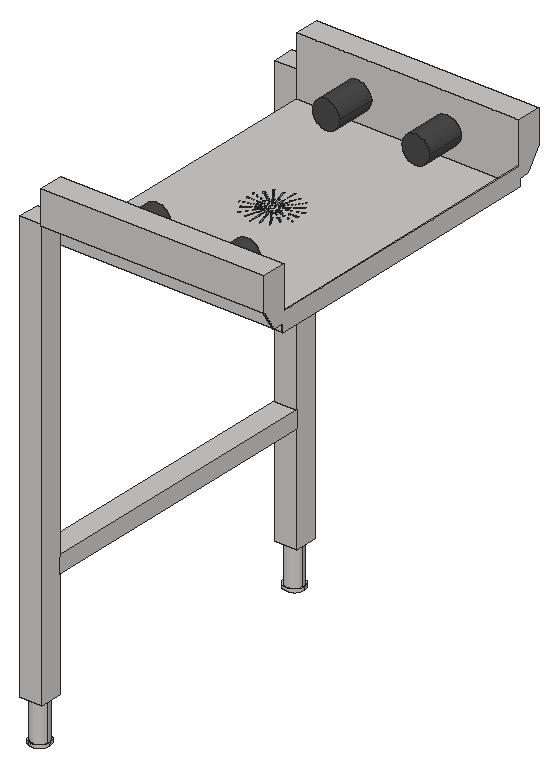
Revit family "QF_ELECTROLUXPROFESSIONAL_863137_HSSRC4", category Specialty Equipment, Revit 2018
Family settings
  Round Connector Dimension = Use Diameter
  Part Type = Normal
  Work Plane-Based = No
  Always vertical = Yes
  Cut with Voids When Loaded = No
  Shared = No
  Room Calculation Point = No
Parameters (values of type "QF_ELECTROLUX_863137_HSSRC4")
  Weight = 9.00 kg
  Watts = 0 W
  Volts = 0 V
  URL Manufacturer = "http://professional.electrolux.com"
  URL = "http://professional.electrolux.com"
  Steam Supply Size = 0 mm
  Steam Supply Minimum Pressure = 0.0 Pa
  Steam Supply Maximum Pressure = 0.0 Pa
  Steam Pounds per Hour = 0
  Refrigeration Suction Line Size = 0 mm
  Refrigeration Liquid Line Size = 0 mm
  Refrigerant Compressor Remote = yes
  Manufacturer = "Electrolux"
  Phase = 0
  Model = "HSSRC4"
  Length Actual = 400 mm  # constant formula
  Item Number = "863137"
  Hot Water Size = 0 mm
  Height Actual = 910 mm  # constant formula
  HP = "0 HP"
  Gas Size = 0 mm
  Gas KW = 0
  Gas Input Pressure = 0 W
  Description = "CONVEYOR, SHORT ROLLERS, 400 MM"
  Depth Actual = 620 mm  # constant formula
  Cycle = 0 Hz
  Condensate Return Size = 0 mm
  Compressed Air Volume = 0.0 L/s
  Compressed Air Size = 0 mm
  Compressed Air Pressure = 0.0 Pa
  Cold Water Size = 0 mm
  Accessory = yes
Values of the unnamed type that differ from the named types
  URL Manufacturer = ""
  Item Number = ""
  HP = ""
Reference planes
  plane 1 "Centro (Fronte/Retro)": y = 74.737
  plane 2: z = 0
  plane 3 "LEFT": x = -1038.761
  plane 4 "BACK": y = 384.737
  plane 5 "FRONT": y = -235.263
  plane 6: z = 910
  plane 7 "RIGHT": x = -638.761
  plane 8: x = -868.761
Forms (mm)
  Extrusion 1, solid, material "QF_Finishes_Stainless Steel"
    sketch origin (0, 74.737, 0) x (1, 0, 0) y (0, 0, 1)
      loop
        line (-1079.929, 300) -> (-1079.929, 270) -> (-1039.929, 270) -> (-1039.929, 300) -> (-1079.929, 300)
    from -266.504 to 266.46
  Extrusion 2, solid, material "QF_Finishes_Stainless Steel"
    sketch origin (11.239, 0, 0) x (0, 1, 0) y (0, 0, 1)
      loop
        line (-235.263, 910) -> (-235.263, 850.033) -> (-190.242, 850.033) -> (-190.242, 910) -> (-235.263, 910)
      loop
        line (384.737, 910) -> (339.716, 910) -> (339.716, 850.033) -> (384.737, 850.033) -> (384.737, 910)
    from -1050 to -651.2
  Extrusion 3, solid, material "QF_Finishes_Stainless Steel"
    sketch origin (11.239, 0, 0) x (0, 1, 0) y (0, 0, 1)
      loop
        line (-191.727, 850.033) -> (-191.727, 800.081) -> (341.245, 800.081) -> (341.245, 850.033) -> (339.716, 850.033) -> (339.716, 803.081) -> (-190.242, 803.081) -> (-190.242, 850.033) -> (-191.727, 850.033)
    from -1050 to -651.2
  Extrusion 4, solid, material "QF_Finishes_Black"
    sketch origin (55, 74.737, 0) x (1, 0, 0) y (0, 0, 1)
      loop
        circle (-980.637, 850.115) r 25
      loop
        circle (-819.351, 850.115) r 25
    from 190.58 to 260.534
  Extrusion 5, solid, material "QF_Finishes_Stainless Steel"
    sketch origin (861.239, 723.253, 4000) x (0, 1, 0) y (0, 0, 1)
      loop
        line (-958.516, -3090) -> (-958.516, -3149.967) -> (-934.752, -3185.632) -> (-915.4, -3185.632) -> (-915.4, -3199.919) -> (-381.633, -3199.919) -> (-381.633, -3185.632) -> (-362.281, -3185.632) -> (-338.516, -3149.967) -> (-338.516, -3090) -> (-383.538, -3090) -> (-383.538, -3165.411) -> (-913.495, -3165.411) -> (-913.495, -3090) -> (-958.516, -3090)
    from -1500 to -1501.2
  Revolve 6, solid, material "QF_Finishes_Stainless Steel"
    sketch origin (-868.761, 0, 0) x (0, 1, 0) y (0, 0, 1)
      loop
        line (74.737, 800.081) -> (12.53, 800.081) -> (12.319, 797.4) -> (12.319, 785.476) -> (17.293, 785.476) -> (17.293, 781.772)
        arc (17.293, 781.772) -> (20.266, 773.808) -> (27.77, 769.813) r 11.998
        line (27.77, 769.813) -> (74.737, 764.085) -> (74.737, 800.081)
      axis (74.737, 764.085) -> (74.737, 800.081)
    angle from 0 to 360
  Revolve 7, solid, material "QF_Finishes_Stainless Steel"
    sketch origin (-838.761, -1524, 744.096) x (0, 0, 1) y (0, -1, 0)
      loop
        line (13.017, -1619.713) -> (30, -1619.713) -> (30, -1598.737) -> (0, -1598.737) -> (0, -1619.713) -> (2.434, -1622.253) -> (10.477, -1622.253) -> (13.017, -1619.713)
      axis (0, -1598.737) -> (30, -1598.737)
    angle from 0 to 360
  Extrusion 8, solid, material "QF_Finishes_Black"
    sketch origin (55, 74.737, 0) x (1, 0, 0) y (0, 0, -1)
      loop
        circle (-980.637, -850.115) r 25
      loop
        circle (-819.351, -850.115) r 25
    from 190.58 to 260.534
  Extrusion 9, void
    sketch origin (-870.285, 74.899, -57.5) x (1, 0, 0) y (0, 1, 0)
      loop
        arc (-0.452, 24.162) -> (-1.193, 23.855) -> (-1.5, 23.114) r 1.048
        line (-1.5, 23.114) -> (-1.5, 10.174)
        arc (-1.5, 10.174) -> (-1.204, 9.458) -> (-0.488, 9.162) r 1.012
        line (-0.488, 9.162) -> (0.467, 9.162)
        arc (0.467, 9.162) -> (1.197, 9.465) -> (1.5, 10.196) r 1.033
        line (1.5, 10.196) -> (1.5, 23.164)
        arc (1.5, 23.164) -> (1.208, 23.87) -> (0.502, 24.162) r 0.998
        line (0.502, 24.162) -> (-0.452, 24.162)
      loop
        arc (-1.5, 28.981) -> (-1.204, 28.266) -> (-0.488, 27.97) r 1.012
        line (-0.488, 27.97) -> (0.467, 27.97)
        arc (0.467, 27.97) -> (1.197, 28.272) -> (1.5, 29.003) r 1.033
        line (1.5, 29.003) -> (1.5, 49.094)
        arc (1.5, 49.094) -> (1.208, 49.8) -> (0.502, 50.092) r 0.998
        line (0.502, 50.092) -> (-0.452, 50.092)
        arc (-0.452, 50.092) -> (-1.193, 49.785) -> (-1.5, 49.044) r 1.048
        line (-1.5, 49.044) -> (-1.5, 28.981)
    from 829.129 to 875
  Extrusion 10, void
    sketch origin (-870.285, 74.899, -57.5) x (0.809017, -0.587785, 0) y (0.587785, 0.809017, 0)
      loop
        arc (-0.452, 24.162) -> (-1.193, 23.855) -> (-1.5, 23.114) r 1.048
        line (-1.5, 23.114) -> (-1.5, 10.174)
        arc (-1.5, 10.174) -> (-1.204, 9.458) -> (-0.488, 9.162) r 1.012
        line (-0.488, 9.162) -> (0.467, 9.162)
        arc (0.467, 9.162) -> (1.197, 9.465) -> (1.5, 10.196) r 1.033
        line (1.5, 10.196) -> (1.5, 23.164)
        arc (1.5, 23.164) -> (1.208, 23.87) -> (0.502, 24.162) r 0.998
        line (0.502, 24.162) -> (-0.452, 24.162)
      loop
        arc (-1.5, 28.981) -> (-1.204, 28.266) -> (-0.488, 27.97) r 1.012
        line (-0.488, 27.97) -> (0.467, 27.97)
        arc (0.467, 27.97) -> (1.197, 28.272) -> (1.5, 29.003) r 1.033
        line (1.5, 29.003) -> (1.5, 49.094)
        arc (1.5, 49.094) -> (1.208, 49.8) -> (0.502, 50.092) r 0.998
        line (0.502, 50.092) -> (-0.452, 50.092)
        arc (-0.452, 50.092) -> (-1.193, 49.785) -> (-1.5, 49.044) r 1.048
        line (-1.5, 49.044) -> (-1.5, 28.981)
    from 829.129 to 875
  Extrusion 11, void
    sketch origin (-870.285, 74.899, -57.5) x (0.809017, 0.587785, 0) y (-0.587785, 0.809017, 0)
      loop
        arc (-0.452, 24.162) -> (-1.193, 23.855) -> (-1.5, 23.114) r 1.048
        line (-1.5, 23.114) -> (-1.5, 10.174)
        arc (-1.5, 10.174) -> (-1.204, 9.458) -> (-0.488, 9.162) r 1.012
        line (-0.488, 9.162) -> (0.467, 9.162)
        arc (0.467, 9.162) -> (1.197, 9.465) -> (1.5, 10.196) r 1.033
        line (1.5, 10.196) -> (1.5, 23.164)
        arc (1.5, 23.164) -> (1.208, 23.87) -> (0.502, 24.162) r 0.998
        line (0.502, 24.162) -> (-0.452, 24.162)
      loop
        arc (-1.5, 28.981) -> (-1.204, 28.266) -> (-0.488, 27.97) r 1.012
        line (-0.488, 27.97) -> (0.467, 27.97)
        arc (0.467, 27.97) -> (1.197, 28.272) -> (1.5, 29.003) r 1.033
        line (1.5, 29.003) -> (1.5, 49.094)
        arc (1.5, 49.094) -> (1.208, 49.8) -> (0.502, 50.092) r 0.998
        line (0.502, 50.092) -> (-0.452, 50.092)
        arc (-0.452, 50.092) -> (-1.193, 49.785) -> (-1.5, 49.044) r 1.048
        line (-1.5, 49.044) -> (-1.5, 28.981)
    from 829.129 to 875
  Extrusion 12, void
    sketch origin (-870.285, 74.899, -57.5) x (0.309017, 0.951057, 0) y (-0.951057, 0.309017, 0)
      loop
        arc (-0.452, 24.162) -> (-1.193, 23.855) -> (-1.5, 23.114) r 1.048
        line (-1.5, 23.114) -> (-1.5, 10.174)
        arc (-1.5, 10.174) -> (-1.204, 9.458) -> (-0.488, 9.162) r 1.012
        line (-0.488, 9.162) -> (0.467, 9.162)
        arc (0.467, 9.162) -> (1.197, 9.465) -> (1.5, 10.196) r 1.033
        line (1.5, 10.196) -> (1.5, 23.164)
        arc (1.5, 23.164) -> (1.208, 23.87) -> (0.502, 24.162) r 0.998
        line (0.502, 24.162) -> (-0.452, 24.162)
      loop
        arc (-1.5, 28.981) -> (-1.204, 28.266) -> (-0.488, 27.97) r 1.012
        line (-0.488, 27.97) -> (0.467, 27.97)
        arc (0.467, 27.97) -> (1.197, 28.272) -> (1.5, 29.003) r 1.033
        line (1.5, 29.003) -> (1.5, 49.094)
        arc (1.5, 49.094) -> (1.208, 49.8) -> (0.502, 50.092) r 0.998
        line (0.502, 50.092) -> (-0.452, 50.092)
        arc (-0.452, 50.092) -> (-1.193, 49.785) -> (-1.5, 49.044) r 1.048
        line (-1.5, 49.044) -> (-1.5, 28.981)
    from 829.129 to 875
  Extrusion 13, void
    sketch origin (-870.285, 74.899, -57.5) x (-0.309017, 0.951057, 0) y (-0.951057, -0.309017, 0)
      loop
        arc (-0.452, 24.162) -> (-1.193, 23.855) -> (-1.5, 23.114) r 1.048
        line (-1.5, 23.114) -> (-1.5, 10.174)
        arc (-1.5, 10.174) -> (-1.204, 9.458) -> (-0.488, 9.162) r 1.012
        line (-0.488, 9.162) -> (0.467, 9.162)
        arc (0.467, 9.162) -> (1.197, 9.465) -> (1.5, 10.196) r 1.033
        line (1.5, 10.196) -> (1.5, 23.164)
        arc (1.5, 23.164) -> (1.208, 23.87) -> (0.502, 24.162) r 0.998
        line (0.502, 24.162) -> (-0.452, 24.162)
      loop
        arc (-1.5, 28.981) -> (-1.204, 28.266) -> (-0.488, 27.97) r 1.012
        line (-0.488, 27.97) -> (0.467, 27.97)
        arc (0.467, 27.97) -> (1.197, 28.272) -> (1.5, 29.003) r 1.033
        line (1.5, 29.003) -> (1.5, 49.094)
        arc (1.5, 49.094) -> (1.208, 49.8) -> (0.502, 50.092) r 0.998
        line (0.502, 50.092) -> (-0.452, 50.092)
        arc (-0.452, 50.092) -> (-1.193, 49.785) -> (-1.5, 49.044) r 1.048
        line (-1.5, 49.044) -> (-1.5, 28.981)
    from 829.129 to 875
  Extrusion 14, void
    sketch origin (-870.285, 74.899, -57.5) x (-0.809017, 0.587785, 0) y (-0.587785, -0.809017, 0)
      loop
        arc (-0.452, 24.162) -> (-1.193, 23.855) -> (-1.5, 23.114) r 1.048
        line (-1.5, 23.114) -> (-1.5, 10.174)
        arc (-1.5, 10.174) -> (-1.204, 9.458) -> (-0.488, 9.162) r 1.012
        line (-0.488, 9.162) -> (0.467, 9.162)
        arc (0.467, 9.162) -> (1.197, 9.465) -> (1.5, 10.196) r 1.033
        line (1.5, 10.196) -> (1.5, 23.164)
        arc (1.5, 23.164) -> (1.208, 23.87) -> (0.502, 24.162) r 0.998
        line (0.502, 24.162) -> (-0.452, 24.162)
      loop
        arc (-1.5, 28.981) -> (-1.204, 28.266) -> (-0.488, 27.97) r 1.012
        line (-0.488, 27.97) -> (0.467, 27.97)
        arc (0.467, 27.97) -> (1.197, 28.272) -> (1.5, 29.003) r 1.033
        line (1.5, 29.003) -> (1.5, 49.094)
        arc (1.5, 49.094) -> (1.208, 49.8) -> (0.502, 50.092) r 0.998
        line (0.502, 50.092) -> (-0.452, 50.092)
        arc (-0.452, 50.092) -> (-1.193, 49.785) -> (-1.5, 49.044) r 1.048
        line (-1.5, 49.044) -> (-1.5, 28.981)
    from 829.129 to 875
  Extrusion 15, void
    sketch origin (-870.285, 74.899, -57.5) x (-1, 0, 0) y (0, -1, 0)
      loop
        arc (-0.452, 24.162) -> (-1.193, 23.855) -> (-1.5, 23.114) r 1.048
        line (-1.5, 23.114) -> (-1.5, 10.174)
        arc (-1.5, 10.174) -> (-1.204, 9.458) -> (-0.488, 9.162) r 1.012
        line (-0.488, 9.162) -> (0.467, 9.162)
        arc (0.467, 9.162) -> (1.197, 9.465) -> (1.5, 10.196) r 1.033
        line (1.5, 10.196) -> (1.5, 23.164)
        arc (1.5, 23.164) -> (1.208, 23.87) -> (0.502, 24.162) r 0.998
        line (0.502, 24.162) -> (-0.452, 24.162)
      loop
        arc (-1.5, 28.981) -> (-1.204, 28.266) -> (-0.488, 27.97) r 1.012
        line (-0.488, 27.97) -> (0.467, 27.97)
        arc (0.467, 27.97) -> (1.197, 28.272) -> (1.5, 29.003) r 1.033
        line (1.5, 29.003) -> (1.5, 49.094)
        arc (1.5, 49.094) -> (1.208, 49.8) -> (0.502, 50.092) r 0.998
        line (0.502, 50.092) -> (-0.452, 50.092)
        arc (-0.452, 50.092) -> (-1.193, 49.785) -> (-1.5, 49.044) r 1.048
        line (-1.5, 49.044) -> (-1.5, 28.981)
    from 829.129 to 875
  Extrusion 16, void
    sketch origin (-870.285, 74.899, -57.5) x (-0.809017, -0.587785, 0) y (0.587785, -0.809017, 0)
      loop
        arc (-0.452, 24.162) -> (-1.193, 23.855) -> (-1.5, 23.114) r 1.048
        line (-1.5, 23.114) -> (-1.5, 10.174)
        arc (-1.5, 10.174) -> (-1.204, 9.458) -> (-0.488, 9.162) r 1.012
        line (-0.488, 9.162) -> (0.467, 9.162)
        arc (0.467, 9.162) -> (1.197, 9.465) -> (1.5, 10.196) r 1.033
        line (1.5, 10.196) -> (1.5, 23.164)
        arc (1.5, 23.164) -> (1.208, 23.87) -> (0.502, 24.162) r 0.998
        line (0.502, 24.162) -> (-0.452, 24.162)
      loop
        arc (-1.5, 28.981) -> (-1.204, 28.266) -> (-0.488, 27.97) r 1.012
        line (-0.488, 27.97) -> (0.467, 27.97)
        arc (0.467, 27.97) -> (1.197, 28.272) -> (1.5, 29.003) r 1.033
        line (1.5, 29.003) -> (1.5, 49.094)
        arc (1.5, 49.094) -> (1.208, 49.8) -> (0.502, 50.092) r 0.998
        line (0.502, 50.092) -> (-0.452, 50.092)
        arc (-0.452, 50.092) -> (-1.193, 49.785) -> (-1.5, 49.044) r 1.048
        line (-1.5, 49.044) -> (-1.5, 28.981)
    from 829.129 to 875
  Extrusion 17, void
    sketch origin (-870.285, 74.899, -57.5) x (-0.309017, -0.951057, 0) y (0.951057, -0.309017, 0)
      loop
        arc (-0.452, 24.162) -> (-1.193, 23.855) -> (-1.5, 23.114) r 1.048
        line (-1.5, 23.114) -> (-1.5, 10.174)
        arc (-1.5, 10.174) -> (-1.204, 9.458) -> (-0.488, 9.162) r 1.012
        line (-0.488, 9.162) -> (0.467, 9.162)
        arc (0.467, 9.162) -> (1.197, 9.465) -> (1.5, 10.196) r 1.033
        line (1.5, 10.196) -> (1.5, 23.164)
        arc (1.5, 23.164) -> (1.208, 23.87) -> (0.502, 24.162) r 0.998
        line (0.502, 24.162) -> (-0.452, 24.162)
      loop
        arc (-1.5, 28.981) -> (-1.204, 28.266) -> (-0.488, 27.97) r 1.012
        line (-0.488, 27.97) -> (0.467, 27.97)
        arc (0.467, 27.97) -> (1.197, 28.272) -> (1.5, 29.003) r 1.033
        line (1.5, 29.003) -> (1.5, 49.094)
        arc (1.5, 49.094) -> (1.208, 49.8) -> (0.502, 50.092) r 0.998
        line (0.502, 50.092) -> (-0.452, 50.092)
        arc (-0.452, 50.092) -> (-1.193, 49.785) -> (-1.5, 49.044) r 1.048
        line (-1.5, 49.044) -> (-1.5, 28.981)
    from 829.129 to 875
  Extrusion 18, void
    sketch origin (-870.285, 74.899, -57.5) x (0.309017, -0.951057, 0) y (0.951057, 0.309017, 0)
      loop
        arc (-0.452, 24.162) -> (-1.193, 23.855) -> (-1.5, 23.114) r 1.048
        line (-1.5, 23.114) -> (-1.5, 10.174)
        arc (-1.5, 10.174) -> (-1.204, 9.458) -> (-0.488, 9.162) r 1.012
        line (-0.488, 9.162) -> (0.467, 9.162)
        arc (0.467, 9.162) -> (1.197, 9.465) -> (1.5, 10.196) r 1.033
        line (1.5, 10.196) -> (1.5, 23.164)
        arc (1.5, 23.164) -> (1.208, 23.87) -> (0.502, 24.162) r 0.998
        line (0.502, 24.162) -> (-0.452, 24.162)
      loop
        arc (-1.5, 28.981) -> (-1.204, 28.266) -> (-0.488, 27.97) r 1.012
        line (-0.488, 27.97) -> (0.467, 27.97)
        arc (0.467, 27.97) -> (1.197, 28.272) -> (1.5, 29.003) r 1.033
        line (1.5, 29.003) -> (1.5, 49.094)
        arc (1.5, 49.094) -> (1.208, 49.8) -> (0.502, 50.092) r 0.998
        line (0.502, 50.092) -> (-0.452, 50.092)
        arc (-0.452, 50.092) -> (-1.193, 49.785) -> (-1.5, 49.044) r 1.048
        line (-1.5, 49.044) -> (-1.5, 28.981)
    from 829.129 to 875
  Extrusion 19, void
    sketch origin (-870.285, 74.899, -57.5) x (1, 0, 0) y (0, 1, 0)
      loop
        circle (0, 0) r 5
    from 829.129 to 875
  Extrusion 20, void
    sketch origin (-870.285, 74.899, -57.5) x (1, 0, 0) y (0, 1, 0)
      loop
        arc (-24.168, 1.5) -> (-24.873, 1.208) -> (-25.165, 0.503) r 0.997
        line (-25.165, 0.503) -> (-25.165, -0.487)
        arc (-25.165, -0.487) -> (-24.868, -1.203) -> (-24.152, -1.5) r 1.013
        line (-24.152, -1.5) -> (-14.992, -1.5)
        arc (-14.992, -1.5) -> (-14.284, -1.207) -> (-13.992, -0.5) r 1
        line (-13.992, -0.5) -> (-13.992, 0.465)
        arc (-13.992, 0.465) -> (-14.295, 1.197) -> (-15.027, 1.5) r 1.035
        line (-15.027, 1.5) -> (-24.168, 1.5)
      loop
        arc (-45.428, 1.5) -> (-46.134, 1.208) -> (-46.426, 0.503) r 0.997
        line (-46.426, 0.503) -> (-46.426, -0.487)
        arc (-46.426, -0.487) -> (-46.129, -1.203) -> (-45.412, -1.5) r 1.013
        line (-45.412, -1.5) -> (-30.627, -1.5)
        arc (-30.627, -1.5) -> (-29.92, -1.207) -> (-29.627, -0.5) r 1
        line (-29.627, -0.5) -> (-29.627, 0.465)
        arc (-29.627, 0.465) -> (-29.93, 1.197) -> (-30.662, 1.5) r 1.035
        line (-30.662, 1.5) -> (-45.428, 1.5)
    from 829.129 to 875
  Extrusion 21, void
    sketch origin (-870.285, 74.899, -57.5) x (0.809017, -0.587785, 0) y (0.587785, 0.809017, 0)
      loop
        arc (-24.168, 1.5) -> (-24.873, 1.208) -> (-25.165, 0.503) r 0.997
        line (-25.165, 0.503) -> (-25.165, -0.487)
        arc (-25.165, -0.487) -> (-24.868, -1.203) -> (-24.152, -1.5) r 1.013
        line (-24.152, -1.5) -> (-14.992, -1.5)
        arc (-14.992, -1.5) -> (-14.284, -1.207) -> (-13.992, -0.5) r 1
        line (-13.992, -0.5) -> (-13.992, 0.465)
        arc (-13.992, 0.465) -> (-14.295, 1.197) -> (-15.027, 1.5) r 1.035
        line (-15.027, 1.5) -> (-24.168, 1.5)
      loop
        arc (-45.428, 1.5) -> (-46.134, 1.208) -> (-46.426, 0.503) r 0.997
        line (-46.426, 0.503) -> (-46.426, -0.487)
        arc (-46.426, -0.487) -> (-46.129, -1.203) -> (-45.412, -1.5) r 1.013
        line (-45.412, -1.5) -> (-30.627, -1.5)
        arc (-30.627, -1.5) -> (-29.92, -1.207) -> (-29.627, -0.5) r 1
        line (-29.627, -0.5) -> (-29.627, 0.465)
        arc (-29.627, 0.465) -> (-29.93, 1.197) -> (-30.662, 1.5) r 1.035
        line (-30.662, 1.5) -> (-45.428, 1.5)
    from 829.129 to 875
  Extrusion 22, void
    sketch origin (-870.285, 74.899, -57.5) x (0.809017, 0.587785, 0) y (-0.587785, 0.809017, 0)
      loop
        arc (-24.168, 1.5) -> (-24.873, 1.208) -> (-25.165, 0.503) r 0.997
        line (-25.165, 0.503) -> (-25.165, -0.487)
        arc (-25.165, -0.487) -> (-24.868, -1.203) -> (-24.152, -1.5) r 1.013
        line (-24.152, -1.5) -> (-14.992, -1.5)
        arc (-14.992, -1.5) -> (-14.284, -1.207) -> (-13.992, -0.5) r 1
        line (-13.992, -0.5) -> (-13.992, 0.465)
        arc (-13.992, 0.465) -> (-14.295, 1.197) -> (-15.027, 1.5) r 1.035
        line (-15.027, 1.5) -> (-24.168, 1.5)
      loop
        arc (-45.428, 1.5) -> (-46.134, 1.208) -> (-46.426, 0.503) r 0.997
        line (-46.426, 0.503) -> (-46.426, -0.487)
        arc (-46.426, -0.487) -> (-46.129, -1.203) -> (-45.412, -1.5) r 1.013
        line (-45.412, -1.5) -> (-30.627, -1.5)
        arc (-30.627, -1.5) -> (-29.92, -1.207) -> (-29.627, -0.5) r 1
        line (-29.627, -0.5) -> (-29.627, 0.465)
        arc (-29.627, 0.465) -> (-29.93, 1.197) -> (-30.662, 1.5) r 1.035
        line (-30.662, 1.5) -> (-45.428, 1.5)
    from 829.129 to 875
  Extrusion 23, void
    sketch origin (-870.285, 74.899, -57.5) x (0.309017, 0.951057, 0) y (-0.951057, 0.309017, 0)
      loop
        arc (-24.168, 1.5) -> (-24.873, 1.208) -> (-25.165, 0.503) r 0.997
        line (-25.165, 0.503) -> (-25.165, -0.487)
        arc (-25.165, -0.487) -> (-24.868, -1.203) -> (-24.152, -1.5) r 1.013
        line (-24.152, -1.5) -> (-14.992, -1.5)
        arc (-14.992, -1.5) -> (-14.284, -1.207) -> (-13.992, -0.5) r 1
        line (-13.992, -0.5) -> (-13.992, 0.465)
        arc (-13.992, 0.465) -> (-14.295, 1.197) -> (-15.027, 1.5) r 1.035
        line (-15.027, 1.5) -> (-24.168, 1.5)
      loop
        arc (-45.428, 1.5) -> (-46.134, 1.208) -> (-46.426, 0.503) r 0.997
        line (-46.426, 0.503) -> (-46.426, -0.487)
        arc (-46.426, -0.487) -> (-46.129, -1.203) -> (-45.412, -1.5) r 1.013
        line (-45.412, -1.5) -> (-30.627, -1.5)
        arc (-30.627, -1.5) -> (-29.92, -1.207) -> (-29.627, -0.5) r 1
        line (-29.627, -0.5) -> (-29.627, 0.465)
        arc (-29.627, 0.465) -> (-29.93, 1.197) -> (-30.662, 1.5) r 1.035
        line (-30.662, 1.5) -> (-45.428, 1.5)
    from 829.129 to 875
  Extrusion 24, void
    sketch origin (-870.285, 74.899, -57.5) x (-0.309017, 0.951057, 0) y (-0.951057, -0.309017, 0)
      loop
        arc (-24.168, 1.5) -> (-24.873, 1.208) -> (-25.165, 0.503) r 0.997
        line (-25.165, 0.503) -> (-25.165, -0.487)
        arc (-25.165, -0.487) -> (-24.868, -1.203) -> (-24.152, -1.5) r 1.013
        line (-24.152, -1.5) -> (-14.992, -1.5)
        arc (-14.992, -1.5) -> (-14.284, -1.207) -> (-13.992, -0.5) r 1
        line (-13.992, -0.5) -> (-13.992, 0.465)
        arc (-13.992, 0.465) -> (-14.295, 1.197) -> (-15.027, 1.5) r 1.035
        line (-15.027, 1.5) -> (-24.168, 1.5)
      loop
        arc (-45.428, 1.5) -> (-46.134, 1.208) -> (-46.426, 0.503) r 0.997
        line (-46.426, 0.503) -> (-46.426, -0.487)
        arc (-46.426, -0.487) -> (-46.129, -1.203) -> (-45.412, -1.5) r 1.013
        line (-45.412, -1.5) -> (-30.627, -1.5)
        arc (-30.627, -1.5) -> (-29.92, -1.207) -> (-29.627, -0.5) r 1
        line (-29.627, -0.5) -> (-29.627, 0.465)
        arc (-29.627, 0.465) -> (-29.93, 1.197) -> (-30.662, 1.5) r 1.035
        line (-30.662, 1.5) -> (-45.428, 1.5)
    from 829.129 to 875
  Extrusion 25, void
    sketch origin (-870.285, 74.899, -57.5) x (-0.809017, 0.587785, 0) y (-0.587785, -0.809017, 0)
      loop
        arc (-24.168, 1.5) -> (-24.873, 1.208) -> (-25.165, 0.503) r 0.997
        line (-25.165, 0.503) -> (-25.165, -0.487)
        arc (-25.165, -0.487) -> (-24.868, -1.203) -> (-24.152, -1.5) r 1.013
        line (-24.152, -1.5) -> (-14.992, -1.5)
        arc (-14.992, -1.5) -> (-14.284, -1.207) -> (-13.992, -0.5) r 1
        line (-13.992, -0.5) -> (-13.992, 0.465)
        arc (-13.992, 0.465) -> (-14.295, 1.197) -> (-15.027, 1.5) r 1.035
        line (-15.027, 1.5) -> (-24.168, 1.5)
      loop
        arc (-45.428, 1.5) -> (-46.134, 1.208) -> (-46.426, 0.503) r 0.997
        line (-46.426, 0.503) -> (-46.426, -0.487)
        arc (-46.426, -0.487) -> (-46.129, -1.203) -> (-45.412, -1.5) r 1.013
        line (-45.412, -1.5) -> (-30.627, -1.5)
        arc (-30.627, -1.5) -> (-29.92, -1.207) -> (-29.627, -0.5) r 1
        line (-29.627, -0.5) -> (-29.627, 0.465)
        arc (-29.627, 0.465) -> (-29.93, 1.197) -> (-30.662, 1.5) r 1.035
        line (-30.662, 1.5) -> (-45.428, 1.5)
    from 829.129 to 875
  Extrusion 26, void
    sketch origin (-870.285, 74.899, -57.5) x (-1, 0, 0) y (0, -1, 0)
      loop
        arc (-24.168, 1.5) -> (-24.873, 1.208) -> (-25.165, 0.503) r 0.997
        line (-25.165, 0.503) -> (-25.165, -0.487)
        arc (-25.165, -0.487) -> (-24.868, -1.203) -> (-24.152, -1.5) r 1.013
        line (-24.152, -1.5) -> (-14.992, -1.5)
        arc (-14.992, -1.5) -> (-14.284, -1.207) -> (-13.992, -0.5) r 1
        line (-13.992, -0.5) -> (-13.992, 0.465)
        arc (-13.992, 0.465) -> (-14.295, 1.197) -> (-15.027, 1.5) r 1.035
        line (-15.027, 1.5) -> (-24.168, 1.5)
      loop
        arc (-45.428, 1.5) -> (-46.134, 1.208) -> (-46.426, 0.503) r 0.997
        line (-46.426, 0.503) -> (-46.426, -0.487)
        arc (-46.426, -0.487) -> (-46.129, -1.203) -> (-45.412, -1.5) r 1.013
        line (-45.412, -1.5) -> (-30.627, -1.5)
        arc (-30.627, -1.5) -> (-29.92, -1.207) -> (-29.627, -0.5) r 1
        line (-29.627, -0.5) -> (-29.627, 0.465)
        arc (-29.627, 0.465) -> (-29.93, 1.197) -> (-30.662, 1.5) r 1.035
        line (-30.662, 1.5) -> (-45.428, 1.5)
    from 829.129 to 875
  Extrusion 27, void
    sketch origin (-870.285, 74.899, -57.5) x (-0.809017, -0.587785, 0) y (0.587785, -0.809017, 0)
      loop
        arc (-24.168, 1.5) -> (-24.873, 1.208) -> (-25.165, 0.503) r 0.997
        line (-25.165, 0.503) -> (-25.165, -0.487)
        arc (-25.165, -0.487) -> (-24.868, -1.203) -> (-24.152, -1.5) r 1.013
        line (-24.152, -1.5) -> (-14.992, -1.5)
        arc (-14.992, -1.5) -> (-14.284, -1.207) -> (-13.992, -0.5) r 1
        line (-13.992, -0.5) -> (-13.992, 0.465)
        arc (-13.992, 0.465) -> (-14.295, 1.197) -> (-15.027, 1.5) r 1.035
        line (-15.027, 1.5) -> (-24.168, 1.5)
      loop
        arc (-45.428, 1.5) -> (-46.134, 1.208) -> (-46.426, 0.503) r 0.997
        line (-46.426, 0.503) -> (-46.426, -0.487)
        arc (-46.426, -0.487) -> (-46.129, -1.203) -> (-45.412, -1.5) r 1.013
        line (-45.412, -1.5) -> (-30.627, -1.5)
        arc (-30.627, -1.5) -> (-29.92, -1.207) -> (-29.627, -0.5) r 1
        line (-29.627, -0.5) -> (-29.627, 0.465)
        arc (-29.627, 0.465) -> (-29.93, 1.197) -> (-30.662, 1.5) r 1.035
        line (-30.662, 1.5) -> (-45.428, 1.5)
    from 829.129 to 875
  Extrusion 28, void
    sketch origin (-870.285, 74.899, -57.5) x (-0.309017, -0.951057, 0) y (0.951057, -0.309017, 0)
      loop
        arc (-24.168, 1.5) -> (-24.873, 1.208) -> (-25.165, 0.503) r 0.997
        line (-25.165, 0.503) -> (-25.165, -0.487)
        arc (-25.165, -0.487) -> (-24.868, -1.203) -> (-24.152, -1.5) r 1.013
        line (-24.152, -1.5) -> (-14.992, -1.5)
        arc (-14.992, -1.5) -> (-14.284, -1.207) -> (-13.992, -0.5) r 1
        line (-13.992, -0.5) -> (-13.992, 0.465)
        arc (-13.992, 0.465) -> (-14.295, 1.197) -> (-15.027, 1.5) r 1.035
        line (-15.027, 1.5) -> (-24.168, 1.5)
      loop
        arc (-45.428, 1.5) -> (-46.134, 1.208) -> (-46.426, 0.503) r 0.997
        line (-46.426, 0.503) -> (-46.426, -0.487)
        arc (-46.426, -0.487) -> (-46.129, -1.203) -> (-45.412, -1.5) r 1.013
        line (-45.412, -1.5) -> (-30.627, -1.5)
        arc (-30.627, -1.5) -> (-29.92, -1.207) -> (-29.627, -0.5) r 1
        line (-29.627, -0.5) -> (-29.627, 0.465)
        arc (-29.627, 0.465) -> (-29.93, 1.197) -> (-30.662, 1.5) r 1.035
        line (-30.662, 1.5) -> (-45.428, 1.5)
    from 829.129 to 875
  Extrusion 29, void
    sketch origin (-870.285, 74.899, -57.5) x (0.309017, -0.951057, 0) y (0.951057, 0.309017, 0)
      loop
        arc (-24.168, 1.5) -> (-24.873, 1.208) -> (-25.165, 0.503) r 0.997
        line (-25.165, 0.503) -> (-25.165, -0.487)
        arc (-25.165, -0.487) -> (-24.868, -1.203) -> (-24.152, -1.5) r 1.013
        line (-24.152, -1.5) -> (-14.992, -1.5)
        arc (-14.992, -1.5) -> (-14.284, -1.207) -> (-13.992, -0.5) r 1
        line (-13.992, -0.5) -> (-13.992, 0.465)
        arc (-13.992, 0.465) -> (-14.295, 1.197) -> (-15.027, 1.5) r 1.035
        line (-15.027, 1.5) -> (-24.168, 1.5)
      loop
        arc (-45.428, 1.5) -> (-46.134, 1.208) -> (-46.426, 0.503) r 0.997
        line (-46.426, 0.503) -> (-46.426, -0.487)
        arc (-46.426, -0.487) -> (-46.129, -1.203) -> (-45.412, -1.5) r 1.013
        line (-45.412, -1.5) -> (-30.627, -1.5)
        arc (-30.627, -1.5) -> (-29.92, -1.207) -> (-29.627, -0.5) r 1
        line (-29.627, -0.5) -> (-29.627, 0.465)
        arc (-29.627, 0.465) -> (-29.93, 1.197) -> (-30.662, 1.5) r 1.035
        line (-30.662, 1.5) -> (-45.428, 1.5)
    from 829.129 to 875
Cuts and joins
  Extrusion 9, Extrusion 10, Extrusion 11, Extrusion 12, Extrusion 13, Extrusion 14, Extrusion 15, Extrusion 16, Extrusion 17, Extrusion 18, Extrusion 19, Extrusion 20, Extrusion 21, Extrusion 22, Extrusion 23, Extrusion 24, Extrusion 25, Extrusion 26, Extrusion 27, Extrusion 28, Extrusion 29 cuts Extrusion 3
  joined: Extrusion 2, Extrusion 3, Extrusion 5, Revolve 6, Revolve 7
Lines and regions (mm)
  Masking region 1
    outline origin (0, 0, 0) x (1, 0, 0) y (0, 1, 0)
      loop
        line (-1038.761, 384.737) -> (-1038.761, -235.263) -> (-638.761, -235.263) -> (-638.761, 384.737) -> (-1038.761, 384.737)
  symbolic lines
    curve 1: line (-638.761, 384.737, 0) -> (-1038.761, 384.737, 0)
    curve 2: line (-1038.761, 384.737, 0) -> (-1038.761, -235.263, 0)
    curve 3: line (-1038.761, 339.716, 0) -> (-638.761, 339.716, 0)
    curve 4: line (-1038.761, -235.263, 0) -> (-638.761, -235.263, 0)
    curve 5: line (-638.761, -235.263, 0) -> (-638.761, 384.737, 0)
    curve 6: line (-638.761, -190.242, 0) -> (-1038.761, -190.242, 0)
    curve 7: line (-900.637, -115.842, 0) -> (-950.637, -115.842, 0)
    curve 8: line (-950.637, -115.842, 0) -> (-950.637, -185.797, 0)
    curve 9: line (-950.637, -185.797, 0) -> (-900.637, -185.797, 0)
    curve 10: line (-900.637, -185.797, 0) -> (-900.637, -115.842, 0)
    curve 11: line (-789.351, -115.842, 0) -> (-739.351, -115.842, 0)
    curve 12: line (-739.351, -115.842, 0) -> (-739.351, -185.797, 0)
    curve 13: line (-739.351, -185.797, 0) -> (-789.351, -185.797, 0)
    curve 14: line (-789.351, -185.797, 0) -> (-789.351, -115.842, 0)
    curve 15: line (-638.761, 74.737, 0) -> (-668.761, 74.737, 0)
    curve 16: line (-1038.761, 74.737, 0) -> (-1008.761, 74.737, 0)
    curve 17: arc (-868.761, 12.319, 0) -> (-931.179, 74.737, 0) -> (-868.761, 137.156, 0) r 62.418
    curve 18: arc (-868.761, 137.156, 0) -> (-806.342, 74.737, 0) -> (-868.761, 12.319, 0) r 62.418
    curve 19: arc (-838.761, 95.713, 0) -> (-859.737, 74.737, 0) -> (-838.761, 53.761, 0) r 20.976
    curve 20: arc (-838.761, 53.761, 0) -> (-817.785, 74.737, 0) -> (-838.761, 95.713, 0) r 20.976
    curve 21: line (-900.637, 265.317, 0) -> (-950.637, 265.317, 0)
    curve 22: line (-950.637, 265.317, 0) -> (-950.637, 335.271, 0)
    curve 23: line (-950.637, 335.271, 0) -> (-900.637, 335.271, 0)
    curve 24: line (-900.637, 335.271, 0) -> (-900.637, 265.317, 0)
    curve 25: line (-789.351, 265.317, 0) -> (-739.351, 265.317, 0)
    curve 26: line (-739.351, 265.317, 0) -> (-739.351, 335.271, 0)
    curve 27: line (-739.351, 335.271, 0) -> (-789.351, 335.271, 0)
    curve 28: line (-789.351, 335.271, 0) -> (-789.351, 265.317, 0)
    curve 29: line (-888.533, 97.463, 0) -> (-900.326, 113.695, 0)
    curve 30: arc (-900.326, 113.695, 0) -> (-900.513, 114.475, 0) -> (-900.094, 115.159, 0) r 1.048
    curve 31: line (-900.094, 115.159, 0) -> (-899.322, 115.719, 0)
    curve 32: arc (-899.322, 115.719, 0) -> (-898.579, 115.898, 0) -> (-897.928, 115.499, 0) r 0.998
    curve 33: line (-897.928, 115.499, 0) -> (-886.119, 99.244, 0)
    curve 34: arc (-886.119, 99.244, 0) -> (-885.934, 98.475, 0) -> (-886.347, 97.801, 0) r 1.033
    curve 35: line (-886.347, 97.801, 0) -> (-887.12, 97.24, 0)
    curve 36: arc (-887.12, 97.24, 0) -> (-887.873, 97.059, 0) -> (-888.533, 97.463, 0) r 1.012
    curve 37: line (-881.176, 103.564, 0) -> (-885.744, 117.625, 0)
    curve 38: arc (-885.744, 117.625, 0) -> (-885.684, 118.398, 0) -> (-885.094, 118.902, 0) r 1.013
    curve 39: line (-885.094, 118.902, 0) -> (-884.153, 119.208, 0)
    curve 40: arc (-884.153, 119.208, 0) -> (-883.392, 119.148, 0) -> (-882.896, 118.567, 0) r 0.997
    curve 41: line (-882.896, 118.567, 0) -> (-878.333, 104.524, 0)
    curve 42: arc (-878.333, 104.524, 0) -> (-878.395, 103.734, 0) -> (-878.998, 103.22, 0) r 1.035
    curve 43: line (-878.998, 103.22, 0) -> (-879.915, 102.921, 0)
    curve 44: arc (-879.915, 102.921, 0) -> (-880.678, 102.982, 0) -> (-881.176, 103.564, 0) r 1
    curve 45: line (-871.785, 103.88, 0) -> (-871.785, 123.943, 0)
    curve 46: arc (-871.785, 123.943, 0) -> (-871.478, 124.684, 0) -> (-870.737, 124.991, 0) r 1.048
    curve 47: line (-870.737, 124.991, 0) -> (-869.783, 124.991, 0)
    curve 48: arc (-869.783, 124.991, 0) -> (-869.077, 124.699, 0) -> (-868.785, 123.993, 0) r 0.998
    curve 49: line (-868.785, 123.993, 0) -> (-868.785, 103.902, 0)
    curve 50: arc (-868.785, 103.902, 0) -> (-869.087, 103.171, 0) -> (-869.818, 102.869, 0) r 1.033
    curve 51: line (-869.818, 102.869, 0) -> (-870.773, 102.869, 0)
    curve 52: arc (-870.773, 102.869, 0) -> (-871.488, 103.165, 0) -> (-871.785, 103.88, 0) r 1.012
    curve 53: line (-862.247, 104.491, 0) -> (-857.678, 118.552, 0)
    curve 54: arc (-857.678, 118.552, 0) -> (-857.174, 119.142, 0) -> (-856.401, 119.203, 0) r 1.013
    curve 55: line (-856.401, 119.203, 0) -> (-855.46, 118.897, 0)
    curve 56: arc (-855.46, 118.897, 0) -> (-854.88, 118.401, 0) -> (-854.82, 117.64, 0) r 0.997
    curve 57: line (-854.82, 117.64, 0) -> (-859.383, 103.597, 0)
    curve 58: arc (-859.383, 103.597, 0) -> (-859.897, 102.995, 0) -> (-860.687, 102.932, 0) r 1.035
    curve 59: line (-860.687, 102.932, 0) -> (-861.605, 103.23, 0)
    curve 60: arc (-861.605, 103.23, 0) -> (-862.187, 103.728, 0) -> (-862.247, 104.491, 0) r 1
    curve 61: line (-854.463, 99.227, 0) -> (-842.671, 115.458, 0)
    curve 62: arc (-842.671, 115.458, 0) -> (-841.987, 115.877, 0) -> (-841.207, 115.69, 0) r 1.048
    curve 63: line (-841.207, 115.69, 0) -> (-840.435, 115.129, 0)
    curve 64: arc (-840.435, 115.129, 0) -> (-840.036, 114.478, 0) -> (-840.214, 113.735, 0) r 0.998
    curve 65: line (-840.214, 113.735, 0) -> (-852.024, 97.481, 0)
    curve 66: arc (-852.024, 97.481, 0) -> (-852.698, 97.068, 0) -> (-853.467, 97.252, 0) r 1.033
    curve 67: line (-853.467, 97.252, 0) -> (-854.24, 97.814, 0)
    curve 68: arc (-854.24, 97.814, 0) -> (-854.644, 98.474, 0) -> (-854.463, 99.227, 0) r 1.012
    curve 69: line (-846.388, 94.115, 0) -> (-834.427, 102.805, 0)
    curve 70: arc (-834.427, 102.805, 0) -> (-833.673, 102.986, 0) -> (-833.011, 102.581, 0) r 1.013
    curve 71: line (-833.011, 102.581, 0) -> (-832.43, 101.781, 0)
    curve 72: arc (-832.43, 101.781, 0) -> (-832.252, 101.038, 0) -> (-832.651, 100.387, 0) r 0.997
    curve 73: line (-832.651, 100.387, 0) -> (-844.597, 91.708, 0)
    curve 74: arc (-844.597, 91.708, 0) -> (-845.367, 91.523, 0) -> (-846.043, 91.937, 0) r 1.035
    curve 75: line (-846.043, 91.937, 0) -> (-846.61, 92.718, 0)
    curve 76: arc (-846.61, 92.718, 0) -> (-846.788, 93.462, 0) -> (-846.388, 94.115, 0) r 1
    curve 77: line (-843.185, 85.281, 0) -> (-824.105, 91.481, 0)
    curve 78: arc (-824.105, 91.481, 0) -> (-823.305, 91.418, 0) -> (-822.784, 90.808, 0) r 1.048
    curve 79: line (-822.784, 90.808, 0) -> (-822.489, 89.901, 0)
    curve 80: arc (-822.489, 89.901, 0) -> (-822.549, 89.139, 0) -> (-823.13, 88.643, 0) r 0.998
    curve 81: line (-823.13, 88.643, 0) -> (-842.238, 82.435, 0)
    curve 82: arc (-842.238, 82.435, 0) -> (-843.026, 82.497, 0) -> (-843.54, 83.098, 0) r 1.033
    curve 83: line (-843.54, 83.098, 0) -> (-843.835, 84.007, 0)
    curve 84: arc (-843.835, 84.007, 0) -> (-843.774, 84.778, 0) -> (-843.185, 85.281, 0) r 1.012
    curve 85: line (-839.658, 76.399, 0) -> (-824.872, 76.399, 0)
    curve 86: arc (-824.872, 76.399, 0) -> (-824.156, 76.102, 0) -> (-823.859, 75.386, 0) r 1.013
    curve 87: line (-823.859, 75.386, 0) -> (-823.859, 74.396, 0)
    curve 88: arc (-823.859, 74.396, 0) -> (-824.151, 73.691, 0) -> (-824.856, 73.399, 0) r 0.997
    curve 89: line (-824.856, 73.399, 0) -> (-839.622, 73.399, 0)
    curve 90: arc (-839.622, 73.399, 0) -> (-840.354, 73.702, 0) -> (-840.658, 74.434, 0) r 1.035
    curve 91: line (-840.658, 74.434, 0) -> (-840.658, 75.399, 0)
    curve 92: arc (-840.658, 75.399, 0) -> (-840.365, 76.106, 0) -> (-839.658, 76.399, 0) r 1
    curve 93: line (-842.258, 67.37, 0) -> (-823.178, 61.17, 0)
    curve 94: arc (-823.178, 61.17, 0) -> (-822.568, 60.649, 0) -> (-822.505, 59.849, 0) r 1.048
    curve 95: line (-822.505, 59.849, 0) -> (-822.799, 58.942, 0)
    curve 96: arc (-822.799, 58.942, 0) -> (-823.295, 58.361, 0) -> (-824.057, 58.301, 0) r 0.998
    curve 97: line (-824.057, 58.301, 0) -> (-843.165, 64.51, 0)
    curve 98: arc (-843.165, 64.51, 0) -> (-843.766, 65.024, 0) -> (-843.828, 65.812, 0) r 1.033
    curve 99: line (-843.828, 65.812, 0) -> (-843.533, 66.72, 0)
    curve 100: arc (-843.533, 66.72, 0) -> (-843.03, 67.309, 0) -> (-842.258, 67.37, 0) r 1.012
    curve 101: line (-844.625, 58.11, 0) -> (-832.664, 49.42, 0)
    curve 102: arc (-832.664, 49.42, 0) -> (-832.258, 48.758, 0) -> (-832.439, 48.004, 0) r 1.013
    curve 103: line (-832.439, 48.004, 0) -> (-833.021, 47.204, 0)
    curve 104: arc (-833.021, 47.204, 0) -> (-833.672, 46.805, 0) -> (-834.414, 46.983, 0) r 0.997
    curve 105: line (-834.414, 46.983, 0) -> (-846.36, 55.662, 0)
    curve 106: arc (-846.36, 55.662, 0) -> (-846.774, 56.338, 0) -> (-846.589, 57.108, 0) r 1.035
    curve 107: line (-846.589, 57.108, 0) -> (-846.022, 57.889, 0)
    curve 108: arc (-846.022, 57.889, 0) -> (-845.369, 58.289, 0) -> (-844.625, 58.11, 0) r 1
    curve 109: line (-852.036, 52.334, 0) -> (-840.244, 36.103, 0)
    curve 110: arc (-840.244, 36.103, 0) -> (-840.057, 35.323, 0) -> (-840.476, 34.639, 0) r 1.048
    curve 111: line (-840.476, 34.639, 0) -> (-841.247, 34.078, 0)
    curve 112: arc (-841.247, 34.078, 0) -> (-841.99, 33.9, 0) -> (-842.641, 34.299, 0) r 0.998
    curve 113: line (-842.641, 34.299, 0) -> (-854.451, 50.553, 0)
    curve 114: arc (-854.451, 50.553, 0) -> (-854.635, 51.322, 0) -> (-854.222, 51.997, 0) r 1.033
    curve 115: line (-854.222, 51.997, 0) -> (-853.449, 52.558, 0)
    curve 116: arc (-853.449, 52.558, 0) -> (-852.697, 52.739, 0) -> (-852.036, 52.334, 0) r 1.012
    curve 117: line (-859.394, 46.234, 0) -> (-854.825, 32.173, 0)
    curve 118: arc (-854.825, 32.173, 0) -> (-854.886, 31.399, 0) -> (-855.476, 30.896, 0) r 1.013
    curve 119: line (-855.476, 30.896, 0) -> (-856.416, 30.59, 0)
    curve 120: arc (-856.416, 30.59, 0) -> (-857.177, 30.65, 0) -> (-857.673, 31.23, 0) r 0.997
    curve 121: line (-857.673, 31.23, 0) -> (-862.236, 45.274, 0)
    curve 122: arc (-862.236, 45.274, 0) -> (-862.174, 46.064, 0) -> (-861.571, 46.578, 0) r 1.035
    curve 123: line (-861.571, 46.578, 0) -> (-860.654, 46.876, 0)
    curve 124: arc (-860.654, 46.876, 0) -> (-859.891, 46.816, 0) -> (-859.394, 46.234, 0) r 1
    curve 125: line (-868.785, 45.918, 0) -> (-868.785, 25.855, 0)
    curve 126: arc (-868.785, 25.855, 0) -> (-869.092, 25.114, 0) -> (-869.833, 24.807, 0) r 1.048
    curve 127: line (-869.833, 24.807, 0) -> (-870.787, 24.807, 0)
    curve 128: arc (-870.787, 24.807, 0) -> (-871.492, 25.099, 0) -> (-871.785, 25.805, 0) r 0.998
    curve 129: line (-871.785, 25.805, 0) -> (-871.785, 45.896, 0)
    curve 130: arc (-871.785, 45.896, 0) -> (-871.482, 46.627, 0) -> (-870.751, 46.929, 0) r 1.033
    curve 131: line (-870.751, 46.929, 0) -> (-869.796, 46.929, 0)
    curve 132: arc (-869.796, 46.929, 0) -> (-869.081, 46.633, 0) -> (-868.785, 45.918, 0) r 1.012
    curve 133: line (-878.322, 45.307, 0) -> (-882.891, 31.246, 0)
    curve 134: arc (-882.891, 31.246, 0) -> (-883.395, 30.656, 0) -> (-884.168, 30.595, 0) r 1.013
    curve 135: line (-884.168, 30.595, 0) -> (-885.109, 30.901, 0)
    curve 136: arc (-885.109, 30.901, 0) -> (-885.69, 31.396, 0) -> (-885.749, 32.157, 0) r 0.997
    curve 137: line (-885.749, 32.157, 0) -> (-881.186, 46.201, 0)
    curve 138: arc (-881.186, 46.201, 0) -> (-880.672, 46.803, 0) -> (-879.882, 46.865, 0) r 1.035
    curve 139: line (-879.882, 46.865, 0) -> (-878.964, 46.567, 0)
    curve 140: arc (-878.964, 46.567, 0) -> (-878.382, 46.07, 0) -> (-878.322, 45.307, 0) r 1
    curve 141: line (-886.106, 50.571, 0) -> (-897.898, 34.34, 0)
    curve 142: arc (-897.898, 34.34, 0) -> (-898.582, 33.921, 0) -> (-899.362, 34.108, 0) r 1.048
    curve 143: line (-899.362, 34.108, 0) -> (-900.134, 34.669, 0)
    curve 144: arc (-900.134, 34.669, 0) -> (-900.533, 35.32, 0) -> (-900.355, 36.063, 0) r 0.998
    curve 145: line (-900.355, 36.063, 0) -> (-888.546, 52.317, 0)
    curve 146: arc (-888.546, 52.317, 0) -> (-887.871, 52.73, 0) -> (-887.102, 52.545, 0) r 1.033
    curve 147: line (-887.102, 52.545, 0) -> (-886.33, 51.984, 0)
    curve 148: arc (-886.33, 51.984, 0) -> (-885.925, 51.324, 0) -> (-886.106, 50.571, 0) r 1.012
    curve 149: line (-894.181, 55.683, 0) -> (-906.142, 46.993, 0)
    curve 150: arc (-906.142, 46.993, 0) -> (-906.897, 46.812, 0) -> (-907.558, 47.217, 0) r 1.013
    curve 151: line (-907.558, 47.217, 0) -> (-908.139, 48.017, 0)
    curve 152: arc (-908.139, 48.017, 0) -> (-908.318, 48.759, 0) -> (-907.919, 49.41, 0) r 0.997
    curve 153: line (-907.919, 49.41, 0) -> (-895.973, 58.09, 0)
    curve 154: arc (-895.973, 58.09, 0) -> (-895.202, 58.274, 0) -> (-894.527, 57.86, 0) r 1.035
    curve 155: line (-894.527, 57.86, 0) -> (-893.96, 57.08, 0)
    curve 156: arc (-893.96, 57.08, 0) -> (-893.781, 56.336, 0) -> (-894.181, 55.683, 0) r 1
    curve 157: line (-897.384, 64.517, 0) -> (-916.465, 58.317, 0)
    curve 158: arc (-916.465, 58.317, 0) -> (-917.264, 58.38, 0) -> (-917.785, 58.99, 0) r 1.048
    curve 159: line (-917.785, 58.99, 0) -> (-918.08, 59.897, 0)
    curve 160: arc (-918.08, 59.897, 0) -> (-918.02, 60.658, 0) -> (-917.44, 61.155, 0) r 0.998
    curve 161: line (-917.44, 61.155, 0) -> (-898.332, 67.363, 0)
    curve 162: arc (-898.332, 67.363, 0) -> (-897.543, 67.301, 0) -> (-897.03, 66.7, 0) r 1.033
    curve 163: line (-897.03, 66.7, 0) -> (-896.734, 65.791, 0)
    curve 164: arc (-896.734, 65.791, 0) -> (-896.795, 65.019, 0) -> (-897.384, 64.517, 0) r 1.012
    curve 165: line (-900.912, 73.399, 0) -> (-915.697, 73.399, 0)
    curve 166: arc (-915.697, 73.399, 0) -> (-916.414, 73.696, 0) -> (-916.71, 74.412, 0) r 1.013
    curve 167: line (-916.71, 74.412, 0) -> (-916.71, 75.402, 0)
    curve 168: arc (-916.71, 75.402, 0) -> (-916.418, 76.107, 0) -> (-915.713, 76.399, 0) r 0.997
    curve 169: line (-915.713, 76.399, 0) -> (-900.947, 76.399, 0)
    curve 170: arc (-900.947, 76.399, 0) -> (-900.215, 76.096, 0) -> (-899.912, 75.364, 0) r 1.035
    curve 171: line (-899.912, 75.364, 0) -> (-899.912, 74.399, 0)
    curve 172: arc (-899.912, 74.399, 0) -> (-900.205, 73.692, 0) -> (-900.912, 73.399, 0) r 1
    curve 173: line (-898.311, 82.428, 0) -> (-917.392, 88.628, 0)
    curve 174: arc (-917.392, 88.628, 0) -> (-918.002, 89.149, 0) -> (-918.065, 89.948, 0) r 1.048
    curve 175: line (-918.065, 89.948, 0) -> (-917.77, 90.856, 0)
    curve 176: arc (-917.77, 90.856, 0) -> (-917.274, 91.436, 0) -> (-916.512, 91.496, 0) r 0.998
    curve 177: line (-916.512, 91.496, 0) -> (-897.405, 85.288, 0)
    curve 178: arc (-897.405, 85.288, 0) -> (-896.803, 84.774, 0) -> (-896.741, 83.986, 0) r 1.033
    curve 179: line (-896.741, 83.986, 0) -> (-897.036, 83.077, 0)
    curve 180: arc (-897.036, 83.077, 0) -> (-897.539, 82.489, 0) -> (-898.311, 82.428, 0) r 1.012
    curve 181: line (-895.944, 91.688, 0) -> (-907.906, 100.378, 0)
    curve 182: arc (-907.906, 100.378, 0) -> (-908.311, 101.039, 0) -> (-908.13, 101.794, 0) r 1.013
    curve 183: line (-908.13, 101.794, 0) -> (-907.548, 102.594, 0)
    curve 184: arc (-907.548, 102.594, 0) -> (-906.898, 102.993, 0) -> (-906.155, 102.815, 0) r 0.997
    curve 185: line (-906.155, 102.815, 0) -> (-894.209, 94.135, 0)
    curve 186: arc (-894.209, 94.135, 0) -> (-893.795, 93.46, 0) -> (-893.98, 92.689, 0) r 1.035
    curve 187: line (-893.98, 92.689, 0) -> (-894.547, 91.909, 0)
    curve 188: arc (-894.547, 91.909, 0) -> (-895.2, 91.509, 0) -> (-895.944, 91.688, 0) r 1
    curve 189: arc (-865.285, 74.899, 0) -> (-870.285, 79.899, 0) -> (-875.285, 74.899, 0) r 5
    curve 190: arc (-875.285, 74.899, 0) -> (-870.285, 69.899, 0) -> (-865.285, 74.899, 0) r 5
    curve 191: line (-868.785, 98.063, 0) -> (-868.785, 85.094, 0)
    curve 192: arc (-868.785, 85.094, 0) -> (-869.087, 84.364, 0) -> (-869.818, 84.061, 0) r 1.033
    curve 193: line (-869.818, 84.061, 0) -> (-870.773, 84.061, 0)
    curve 194: arc (-870.773, 84.061, 0) -> (-871.488, 84.357, 0) -> (-871.785, 85.073, 0) r 1.012
    curve 195: line (-871.785, 85.073, 0) -> (-871.785, 98.013, 0)
    curve 196: arc (-871.785, 98.013, 0) -> (-871.478, 98.754, 0) -> (-870.737, 99.061, 0) r 1.048
    curve 197: line (-870.737, 99.061, 0) -> (-869.783, 99.061, 0)
    curve 198: arc (-869.783, 99.061, 0) -> (-869.077, 98.769, 0) -> (-868.785, 98.063, 0) r 0.998
    curve 199: line (-861.39, 97.42, 0) -> (-864.215, 88.727, 0)
    curve 200: arc (-864.215, 88.727, 0) -> (-864.729, 88.124, 0) -> (-865.519, 88.062, 0) r 1.035
    curve 201: line (-865.519, 88.062, 0) -> (-866.437, 88.36, 0)
    curve 202: arc (-866.437, 88.36, 0) -> (-867.019, 88.857, 0) -> (-867.079, 89.62, 0) r 1
    curve 203: line (-867.079, 89.62, 0) -> (-864.248, 98.332, 0)
    curve 204: arc (-864.248, 98.332, 0) -> (-863.744, 98.922, 0) -> (-862.971, 98.983, 0) r 1.013
    curve 205: line (-862.971, 98.983, 0) -> (-862.03, 98.677, 0)
    curve 206: arc (-862.03, 98.677, 0) -> (-861.45, 98.181, 0) -> (-861.39, 97.42, 0) r 0.997
    curve 207: line (-855.456, 92.758, 0) -> (-863.078, 82.266, 0)
    curve 208: arc (-863.078, 82.266, 0) -> (-863.753, 81.852, 0) -> (-864.522, 82.037, 0) r 1.033
    curve 209: line (-864.522, 82.037, 0) -> (-865.294, 82.598, 0)
    curve 210: arc (-865.294, 82.598, 0) -> (-865.699, 83.258, 0) -> (-865.518, 84.011, 0) r 1.012
    curve 211: line (-865.518, 84.011, 0) -> (-857.912, 94.48, 0)
    curve 212: arc (-857.912, 94.48, 0) -> (-857.228, 94.899, 0) -> (-856.448, 94.712, 0) r 1.048
    curve 213: line (-856.448, 94.712, 0) -> (-855.676, 94.151, 0)
    curve 214: arc (-855.676, 94.151, 0) -> (-855.277, 93.5, 0) -> (-855.456, 92.758, 0) r 0.998
    curve 215: line (-849.851, 87.891, 0) -> (-857.246, 82.518, 0)
    curve 216: arc (-857.246, 82.518, 0) -> (-858.016, 82.333, 0) -> (-858.692, 82.747, 0) r 1.035
    curve 217: line (-858.692, 82.747, 0) -> (-859.259, 83.527, 0)
    curve 218: arc (-859.259, 83.527, 0) -> (-859.438, 84.272, 0) -> (-859.038, 84.924, 0) r 1
    curve 219: line (-859.038, 84.924, 0) -> (-851.627, 90.308, 0)
    curve 220: arc (-851.627, 90.308, 0) -> (-850.873, 90.49, 0) -> (-850.212, 90.084, 0) r 1.013
    curve 221: line (-850.212, 90.084, 0) -> (-849.63, 89.284, 0)
    curve 222: arc (-849.63, 89.284, 0) -> (-849.452, 88.542, 0) -> (-849.851, 87.891, 0) r 0.997
    curve 223: line (-847.791, 80.63, 0) -> (-860.125, 76.623, 0)
    curve 224: arc (-860.125, 76.623, 0) -> (-860.913, 76.685, 0) -> (-861.427, 77.286, 0) r 1.033
    curve 225: line (-861.427, 77.286, 0) -> (-861.722, 78.195, 0)
    curve 226: arc (-861.722, 78.195, 0) -> (-861.661, 78.967, 0) -> (-861.072, 79.469, 0) r 1.012
    curve 227: line (-861.072, 79.469, 0) -> (-848.765, 83.468, 0)
    curve 228: arc (-848.765, 83.468, 0) -> (-847.966, 83.405, 0) -> (-847.445, 82.795, 0) r 1.048
    curve 229: line (-847.445, 82.795, 0) -> (-847.15, 81.888, 0)
    curve 230: arc (-847.15, 81.888, 0) -> (-847.21, 81.126, 0) -> (-847.791, 80.63, 0) r 0.998
    curve 231: line (-846.117, 73.399, 0) -> (-855.258, 73.399, 0)
    curve 232: arc (-855.258, 73.399, 0) -> (-855.99, 73.702, 0) -> (-856.293, 74.434, 0) r 1.035
    curve 233: line (-856.293, 74.434, 0) -> (-856.293, 75.399, 0)
    curve 234: arc (-856.293, 75.399, 0) -> (-856, 76.106, 0) -> (-855.293, 76.399, 0) r 1
    curve 235: line (-855.293, 76.399, 0) -> (-846.133, 76.399, 0)
    curve 236: arc (-846.133, 76.399, 0) -> (-845.416, 76.102, 0) -> (-845.119, 75.386, 0) r 1.013
    curve 237: line (-845.119, 75.386, 0) -> (-845.119, 74.396, 0)
    curve 238: arc (-845.119, 74.396, 0) -> (-845.412, 73.691, 0) -> (-846.117, 73.399, 0) r 0.997
    curve 239: line (-848.718, 66.314, 0) -> (-861.052, 70.322, 0)
    curve 240: arc (-861.052, 70.322, 0) -> (-861.653, 70.835, 0) -> (-861.715, 71.624, 0) r 1.033
    curve 241: line (-861.715, 71.624, 0) -> (-861.42, 72.532, 0)
    curve 242: arc (-861.42, 72.532, 0) -> (-860.917, 73.121, 0) -> (-860.145, 73.182, 0) r 1.012
    curve 243: line (-860.145, 73.182, 0) -> (-847.838, 69.183, 0)
    curve 244: arc (-847.838, 69.183, 0) -> (-847.228, 68.662, 0) -> (-847.165, 67.862, 0) r 1.048
    curve 245: line (-847.165, 67.862, 0) -> (-847.46, 66.955, 0)
    curve 246: arc (-847.46, 66.955, 0) -> (-847.956, 66.374, 0) -> (-848.718, 66.314, 0) r 0.998
    curve 247: line (-851.614, 59.48, 0) -> (-859.009, 64.853, 0)
    curve 248: arc (-859.009, 64.853, 0) -> (-859.423, 65.528, 0) -> (-859.238, 66.299, 0) r 1.035
    curve 249: line (-859.238, 66.299, 0) -> (-858.671, 67.079, 0)
    curve 250: arc (-858.671, 67.079, 0) -> (-858.019, 67.479, 0) -> (-857.275, 67.301, 0) r 1
    curve 251: line (-857.275, 67.301, 0) -> (-849.864, 61.916, 0)
    curve 252: arc (-849.864, 61.916, 0) -> (-849.459, 61.255, 0) -> (-849.64, 60.501, 0) r 1.013
    curve 253: line (-849.64, 60.501, 0) -> (-850.221, 59.701, 0)
    curve 254: arc (-850.221, 59.701, 0) -> (-850.872, 59.302, 0) -> (-851.614, 59.48, 0) r 0.997
    curve 255: line (-857.883, 55.277, 0) -> (-865.505, 65.769, 0)
    curve 256: arc (-865.505, 65.769, 0) -> (-865.69, 66.538, 0) -> (-865.277, 67.212, 0) r 1.033
    curve 257: line (-865.277, 67.212, 0) -> (-864.504, 67.774, 0)
    curve 258: arc (-864.504, 67.774, 0) -> (-863.751, 67.954, 0) -> (-863.091, 67.55, 0) r 1.012
    curve 259: line (-863.091, 67.55, 0) -> (-855.485, 57.081, 0)
    curve 260: arc (-855.485, 57.081, 0) -> (-855.298, 56.301, 0) -> (-855.717, 55.617, 0) r 1.048
    curve 261: line (-855.717, 55.617, 0) -> (-856.489, 55.056, 0)
    curve 262: arc (-856.489, 55.056, 0) -> (-857.231, 54.878, 0) -> (-857.883, 55.277, 0) r 0.998
    curve 263: line (-864.243, 51.45, 0) -> (-867.068, 60.144, 0)
    curve 264: arc (-867.068, 60.144, 0) -> (-867.006, 60.934, 0) -> (-866.403, 61.448, 0) r 1.035
    curve 265: line (-866.403, 61.448, 0) -> (-865.486, 61.747, 0)
    curve 266: arc (-865.486, 61.747, 0) -> (-864.722, 61.687, 0) -> (-864.225, 61.105, 0) r 1
    curve 267: line (-864.225, 61.105, 0) -> (-861.395, 52.393, 0)
    curve 268: arc (-861.395, 52.393, 0) -> (-861.456, 51.619, 0) -> (-862.045, 51.116, 0) r 1.013
    curve 269: line (-862.045, 51.116, 0) -> (-862.986, 50.81, 0)
    curve 270: arc (-862.986, 50.81, 0) -> (-863.747, 50.87, 0) -> (-864.243, 51.45, 0) r 0.997
    curve 271: line (-871.785, 51.735, 0) -> (-871.785, 64.703, 0)
    curve 272: arc (-871.785, 64.703, 0) -> (-871.482, 65.434, 0) -> (-870.751, 65.737, 0) r 1.033
    curve 273: line (-870.751, 65.737, 0) -> (-869.796, 65.737, 0)
    curve 274: arc (-869.796, 65.737, 0) -> (-869.081, 65.44, 0) -> (-868.785, 64.725, 0) r 1.012
    curve 275: line (-868.785, 64.725, 0) -> (-868.785, 51.785, 0)
    curve 276: arc (-868.785, 51.785, 0) -> (-869.092, 51.044, 0) -> (-869.833, 50.737, 0) r 1.048
    curve 277: line (-869.833, 50.737, 0) -> (-870.787, 50.737, 0)
    curve 278: arc (-870.787, 50.737, 0) -> (-871.492, 51.029, 0) -> (-871.785, 51.735, 0) r 0.998
    curve 279: line (-879.18, 52.377, 0) -> (-876.355, 61.071, 0)
    curve 280: arc (-876.355, 61.071, 0) -> (-875.84, 61.674, 0) -> (-875.05, 61.736, 0) r 1.035
    curve 281: line (-875.05, 61.736, 0) -> (-874.133, 61.438, 0)
    curve 282: arc (-874.133, 61.438, 0) -> (-873.551, 60.941, 0) -> (-873.491, 60.178, 0) r 1
    curve 283: line (-873.491, 60.178, 0) -> (-876.321, 51.466, 0)
    curve 284: arc (-876.321, 51.466, 0) -> (-876.825, 50.876, 0) -> (-877.598, 50.815, 0) r 1.013
    curve 285: line (-877.598, 50.815, 0) -> (-878.539, 51.121, 0)
    curve 286: arc (-878.539, 51.121, 0) -> (-879.12, 51.616, 0) -> (-879.18, 52.377, 0) r 0.997
    curve 287: line (-885.114, 57.04, 0) -> (-877.491, 67.532, 0)
    curve 288: arc (-877.491, 67.532, 0) -> (-876.817, 67.945, 0) -> (-876.048, 67.761, 0) r 1.033
    curve 289: line (-876.048, 67.761, 0) -> (-875.275, 67.199, 0)
    curve 290: arc (-875.275, 67.199, 0) -> (-874.87, 66.539, 0) -> (-875.051, 65.786, 0) r 1.012
    curve 291: line (-875.051, 65.786, 0) -> (-882.657, 55.317, 0)
    curve 292: arc (-882.657, 55.317, 0) -> (-883.341, 54.898, 0) -> (-884.121, 55.086, 0) r 1.048
    curve 293: line (-884.121, 55.086, 0) -> (-884.893, 55.646, 0)
    curve 294: arc (-884.893, 55.646, 0) -> (-885.292, 56.298, 0) -> (-885.114, 57.04, 0) r 0.998
    curve 295: line (-890.719, 61.907, 0) -> (-883.323, 67.28, 0)
    curve 296: arc (-883.323, 67.28, 0) -> (-882.553, 67.465, 0) -> (-881.877, 67.051, 0) r 1.035
    curve 297: line (-881.877, 67.051, 0) -> (-881.31, 66.27, 0)
    curve 298: arc (-881.31, 66.27, 0) -> (-881.132, 65.526, 0) -> (-881.531, 64.874, 0) r 1
    curve 299: line (-881.531, 64.874, 0) -> (-888.942, 59.489, 0)
    curve 300: arc (-888.942, 59.489, 0) -> (-889.696, 59.308, 0) -> (-890.358, 59.713, 0) r 1.013
    curve 301: line (-890.358, 59.713, 0) -> (-890.939, 60.514, 0)
